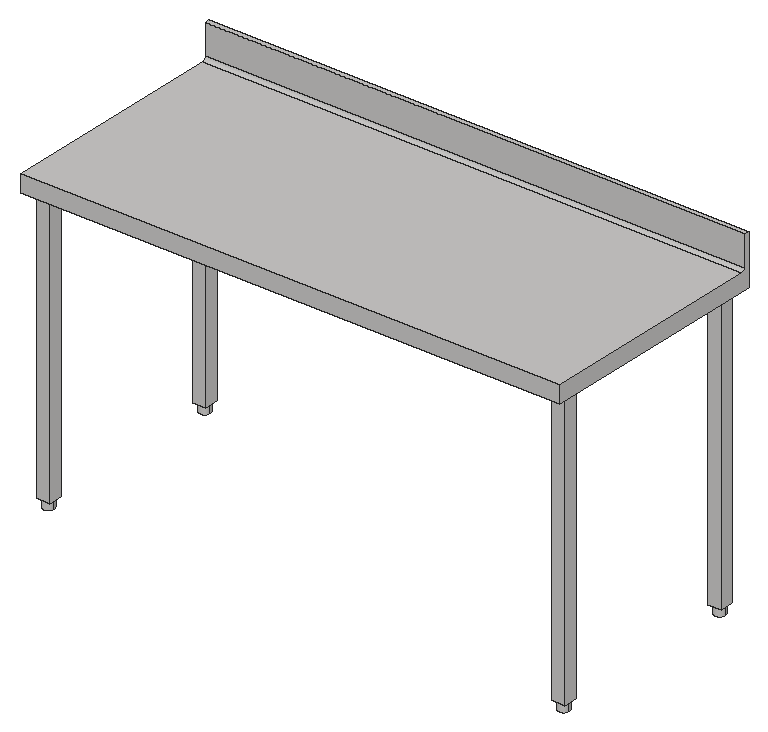
Revit family "QF_ZANUSSI_132733_TG1610PN", category Attrezzature speciali, Revit 2020
Family settings
  Quota connettore circolare = Usa diametro
  Tipo di parte = Normale
  Basato su piano di lavoro = No
  Sempre verticale = Sì
  Taglio con vuoti quando caricato = No
  Condiviso = No
  Punto di calcolo locali = No
Parameters (values of type "Standard")
  Weight = 50.00 kg
  Watts = 0 W
  Volts = 0 V
  URL Manufacturer = "http://www.zanussiprofessional.com"
  URL = "http://www.zanussiprofessional.com"
  Steam Supply Size = 0 mm
  Steam Supply Minimum Pressure = 0.0 Pa
  Steam Supply Maximum Pressure = 0.0 Pa
  Steam Consumption per Hour = 0
  Refrigeration Suction Line Size = 0.0 mm
  Refrigeration Liquid Line Size = 0.0 mm
  Refrigerant Compressor Remote = yes
  Prospetto di default = 0.0 mm
  Produttore = "Zanussi"
  Phase = 0
  Modello = "TG1610PN"
  Length Actual = 1600.0 mm  # constant formula
  Item Number = "132733"
  Hot Water Size = 0 mm
  Height Actual = 1000.0 mm  # constant formula
  HP = "0 HP"
  Gas Size = 0 mm
  Gas KW = 0
  Gas Input Pressure = 0 W
  Direct Waste Size = 0 mm
  Descrizione = "WORK TABLE WITH UPSTAND 1600 MM"
  Depth Actual = 700.0 mm  # constant formula
  Cycle = 0 Hz
  Condensate Return Size = 0 mm
  Compressed Air Volume = 0.0 L/s
  Compressed Air Size = 0 mm
  Compressed Air Pressure = 0.0 Pa
  Cold Water Size = 0 mm
  Accessory = yes
Reference planes
  plane 1 "Center (Front/Back)": y = 0
  plane 2: z = 0
  plane 3 "Center (Left/Right)": x = -300
  plane 4 "LEFT": x = -1100
  plane 5 "RIGHT": x = 500
  plane 6 "BACK": y = 350
  plane 7 "FRONT": y = -350
  plane 8 "Base": z = 850
  plane 9 "TOP": z = 900
  plane 10: x = -1064.5
  plane 11: x = 464.5
  plane 12: y = 290
  plane 13: y = -290
Forms (mm)
  Extrusion 1, solid, material "QF_Finishes_Stainless Steel"
    sketch origin (-300, 0, 0) x (0, 1, 0) y (0, 0, 1)
      loop
        line (-350, 850) -> (350, 850) -> (350, 1000) -> (337, 1000) -> (337, 910)
        arc (337, 910) -> (334.071, 902.929) -> (327, 900) r 10
        line (327, 900) -> (-350, 900) -> (-350, 850)
    from 800 to -800
Lines and regions (mm)
  symbolic lines
    curve 1: line (500, 350, 900) -> (-1100, 350, 900)
    curve 2: line (-1100, 350, 900) -> (-1100, -350, 900)
    curve 3: line (-1100, -350, 900) -> (500, -350, 900)
    curve 4: line (500, -350, 900) -> (500, 350, 900)
    curve 5: line (500, 337, 900) -> (-1100, 337, 900)
Dimensions and locks
  plane 4 "LEFT" to plane 5 "RIGHT" = 1600.0 mm
  equal spacing: plane 4 "LEFT", plane 3 "Center (Left/Right)", plane 5 "RIGHT"
  locked: plane 8 "Base" to level at 850
  plane 4 "LEFT" to plane 10 = 35.5 mm
  plane 11 to plane 5 "RIGHT" = 35.5 mm
  plane 10 to plane 11 = 1529.0 mm
  locked: Extrusion 1 to level at 1000
  plane 9 "TOP" to level = 900.0 mm
  plane 6 "BACK" to plane 12 = 60.0 mm
  plane 13 to plane 7 "FRONT" = 60.0 mm
  plane 6 "BACK" to plane 7 "FRONT" = 700.0 mm
  plane 12 to plane 13 = 580.0 mm
  equal spacing: plane 6 "BACK", plane 1 "Center (Front/Back)", plane 7 "FRONT"
  aligned and locked: level to plane 2
  aligned and locked: plane 10 to nested 1
  aligned and locked: nested 1 to plane 13
  aligned and locked: plane 11 to nested 2
  aligned and locked: nested 2 to plane 13
  aligned and locked: plane 11 to nested 4
  aligned and locked: nested 4 to plane 12
  aligned and locked: plane 10 to nested 3
  aligned and locked: nested 3 to plane 12
  aligned and locked: Extrusion 1 to plane 4 "LEFT"
  aligned and locked: plane 5 "RIGHT" to Extrusion 1
  aligned and locked: curve 2 to plane 4 "LEFT"
Automatic sketch dimensions
  Extrusion 1 sketch curve to plane 7 "FRONT" = 0.0 mm
  Extrusion 1 sketch curve to plane 9 "TOP" = 0.0 mm
  Extrusion 1 sketch curve to plane 6 "BACK" = 0.0 mm
  Extrusion 1 sketch curve to plane 8 "Base" = 0.0 mm
  plane 9 "TOP" to Extrusion 1 sketch curve = 10.0 mm
  Extrusion 1 sketch curve to plane 6 "BACK" = 13.0 mm
  Extrusion 1 sketch curve to Extrusion 1 sketch curve = 90.0 mm
  curve 3 to plane 7 "FRONT" = 0.0 mm
  curve 5 to plane 5 "RIGHT" = 0.0 mm
  curve 4 to plane 6 "BACK" = 0.0 mm
  curve 5 to plane 6 "BACK" = 13.0 mm
Nested families
  nested 1: "FEET_40x40" at (-1064.5, -290, 0), type "FEET_40x40"
  nested 2: "FEET_40x40" at (464.5, -290, 0), type "FEET_40x40"
  nested 3: "FEET_40x40" at (-1064.5, 290, 0), type "FEET_40x40"
  nested 4: "FEET_40x40" at (464.5, 290, 0), type "FEET_40x40"
Definition of nested family "FEET_40x40"
  Parameters
    Default Elevation = 0.0 mm
    FEET = 850.0 mm
  Reference planes
    plane 1 "Center (Front/Back)": y = 0
    plane 2: z = 0
    plane 3 "Center (Left/Right)": x = 0
    plane 4: z = 850
  Forms (mm)
    Extrusion 1, solid
      sketch origin (0, 0, 0) x (1, 0, 0) y (0, 1, 0)
        loop
          line (-20, -20) -> (20, -20) -> (20, 20) -> (-20, 20) -> (-20, -20)
      from 25 to 845
    Extrusion 2, solid
      sketch origin (0, 0, 0) x (1, 0, 0) y (0, 1, 0)
        loop
          circle (0, 0) r 16
      from 0 to 25
    Extrusion 3, solid
      sketch origin (0, 0, 0) x (1, 0, 0) y (0, 1, 0)
        loop
          line (30, 30) -> (-30, 30) -> (-30, -30) -> (30, -30) -> (30, 30)
      from 845 to 850
  Lines and regions (mm)
    symbolic lines
      curve 1: line (0, -1.503, 0) -> (0, 1.508, 0)
      curve 2: line (1.561, 0, 0) -> (-1.439, 0, 0)
  Dimensions and locks
    "FEET": plane 4 to plane 2
    aligned and locked: level to plane 2
  Automatic sketch dimensions
    Extrusion 1 sketch curve to plane 3 "Center (Left/Right)" = 20.0 mm
    plane 3 "Center (Left/Right)" to Extrusion 1 sketch curve = 20.0 mm
    plane 1 "Center (Front/Back)" to Extrusion 1 sketch curve = 20.0 mm
    Extrusion 1 sketch curve to plane 1 "Center (Front/Back)" = 20.0 mm
    plane 1 "Center (Front/Back)" to Extrusion 2 sketch curve = 0.0 mm
    Extrusion 2 sketch curve to plane 3 "Center (Left/Right)" = 0.0 mm
    plane 3 "Center (Left/Right)" to Extrusion 3 sketch curve = 30.0 mm
    Extrusion 3 sketch curve to plane 1 "Center (Front/Back)" = 30.0 mm
    Extrusion 3 sketch curve to plane 3 "Center (Left/Right)" = 30.0 mm
    plane 1 "Center (Front/Back)" to Extrusion 3 sketch curve = 30.0 mm
    plane 1 "Center (Front/Back)" to curve 2 = 0.0 mm
    curve 1 to plane 3 "Center (Left/Right)" = 0.0 mm
    curve 2 to plane 3 "Center (Left/Right)" = 1.439 mm
    plane 3 "Center (Left/Right)" to curve 2 = 1.561 mm
    plane 1 "Center (Front/Back)" to curve 1 = 1.503 mm
    curve 1 to plane 1 "Center (Front/Back)" = 1.508 mm
    radius of Extrusion 2 sketch curve = 16.0 mm
